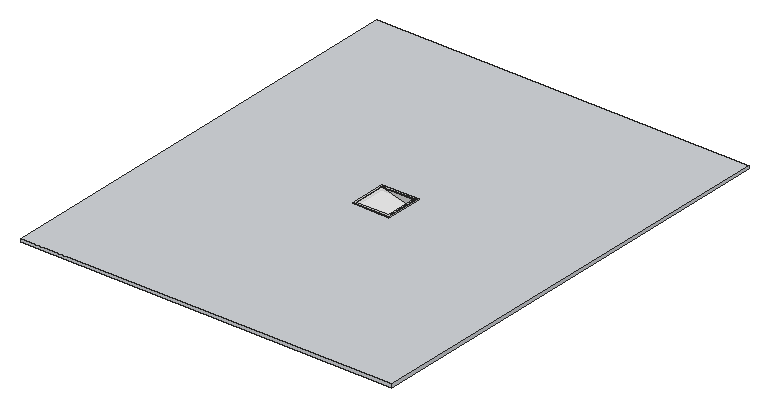
Revit family "Zumtobel KAVA LED", category Lighting Fixtures, host Face, Revit 2014
Parameters (values of type "KAVA Q220 LED600-840 24V SRE")
  Width = 240.00 mm
  Wattage = 0.572917 W
  built-in parameter 1150110 = 1 (stored number, unit not read)
  Voltage = 230 V
  URL = "http://www.zumtobel.com/60816404"
  Type Comments = "© Zumtobel. We reserve the right to make technical changes without prior notice."  # constant formula
  built-in parameter 1114217 = 1 (stored number, unit not read)
  Tilt Angle = 90.00°
  built-in parameter 1150109 = 1 (stored number, unit not read)
  built-in parameter 1150134 = 12
  built-in parameter 1150113 = 1 (stored number, unit not read)
  Photometric Web File = "60816407_(STD).IES"
  Model = "60816404"
  Manufacturer = "Zumtobel Lighting"  # constant formula
  built-in parameter 1150105 = 43.945 (stored number, unit not read)
  Lumens = 55 lm
  built-in parameter 1150115 = 1 (stored number, unit not read)
  built-in parameter 1150137 = (empty or 0)
  built-in parameter 1150139 = (empty or 0)
  Length = 240.00 mm
  built-in parameter 1150112 = 1 (stored number, unit not read)
  built-in parameter 1150114 = 1 (stored number, unit not read)
  Lamp = "LED"
  built-in parameter 1150132 = 2
  built-in parameter 1150102 = (empty or 0)
  built-in parameter 1150107 = 4000 (stored number, unit not read)
  built-in parameter 1150138 = (empty or 0)
  built-in parameter 1150106 = 0.43945 (stored number, unit not read)
  Height = 79.00 mm
  Frame Width = 14.00 mm
  Emit from Rectangle Width = Length - Frame Width  # 226.00 mm
  Emit from Rectangle Length = Width - Frame Width  # 226.00 mm
  Emit Shape Visible in Rendering = yes
  built-in parameter 1150104 = 8.9187 (stored number, unit not read)
  Dimming Lamp Color Temperature Shift = <None>
  Description = "KAVA LED"  # constant formula
  Cover = Zumtobel_PMMA_Self_llumination_Opaque
  Color Filter = 16777215
  Body = Zumtobel_Metal_Aluminium
  built-in parameter 1114218 = 1 (stored number, unit not read)
  built-in parameter 1150133 = 10 (stored number, unit not read)
  Apparent Load = 11 VA
  Default Elevation = 0.00 mm
  Assembly Code = "D5020200"
  240 Width = Width = 240.00 mm  # yes
  122 Width = Width = 122.00 mm  # no
Types (2, lengths in mm): name | Width | Wattage | built-in parameter 1150134 | Photometric Web File | built-in parameter 1150105 | Lumens | Length | built-in parameter 1150107 | built-in parameter 1150106 | Height | Frame Width | Emit from Rectangle Width | Emit from Rectangle Length | Apparent Load | 240 Width | 122 Width
  KAVA Q110 LED70-840 24V SRE | 122.00 | 0.729167 W | (empty or 0) | "60816404_(STD).IES" | 5.5704 (stored number, unit not read) | 70 lm | 122.00 | 3000 (stored number, unit not read) | 0.055704 (stored number, unit not read) | 47.00 | 10.00 | 112.00 | 112.00 | 1 VA | no | yes
  KAVA Q220 LED600-840 24V SRE | 240.00 | 0.572917 W | 12 | "60816407_(STD).IES" | 43.945 (stored number, unit not read) | 55 lm | 240.00 | 4000 (stored number, unit not read) | 0.43945 (stored number, unit not read) | 79.00 | 14.00 | 226.00 | 226.00 | 11 VA | yes | no
Reference planes
  plane 1 "Top": z = 0
  plane 2 "Center (Left/Right)": x = 0
  plane 3 "Center (Front/Back)": y = -11.001
  plane 4 "Back": y = 108.999
  plane 5 "Front": y = -131.001
  plane 6: x = -120
  plane 7: z = 3.5
  plane 8: x = 120
  plane 9 "Power": z = -75.5
  plane 10: z = -19
  plane 11: x = -106
  plane 12: y = 94.999
  plane 13: x = 106
  plane 14: y = -117.001
Forms (mm)
  Extrusion 1, solid
    sketch origin (0, 0, 0) x (1, 0, 0) y (0, 1, 0)
      loop
        line (-1219.2, 1439.2) -> (-1219.2, -1480.8) -> (1219.2, -1480.8) -> (1219.2, 1439.2) -> (-1219.2, 1439.2)
    from 0 to -19
  Extrusion 2, solid, material "Zumtobel_Metal_Aluminium" <- "Body"
    sketch origin (0, 0, 0) x (1, 0, 0) y (0, 1, 0)
      loop
        line (-120, 108.999) -> (-120, -131.001) -> (120, -131.001) -> (120, 108.999) -> (-120, 108.999)
      loop
        line (-106, 94.999) -> (-106, -117.001) -> (106, -117.001) -> (106, 94.999) -> (-106, 94.999)
    from 0 to 3.5
  Extrusion 3, void
    sketch origin (0, 0, 0) x (1, 0, 0) y (0, 1, 0)
      loop
        line (-107, 95.999) -> (-107, -118.001) -> (107, -118.001) -> (107, 95.999) -> (-107, 95.999)
    from 0 to -19
  Sweep 4, solid, material "Zumtobel_Metal_Aluminium" <- "Body", visible <- "122 Width"
    path origin (0, 0, 0) x (1, 0, 0) y (0, 1, 0)
      loop
        line (-106, -117.001) -> (-106, 94.999)
    profile "122_Back : 122_Back" origin (-106, -11.001, 0) x (-1, 0, 0) y (0, 0, 1)
      loop
        line (0, 0) -> (-112, -36.391) -> (-116.788, -23.236) -> (-101, -18.106) -> (-101, 0) -> (-102, 0) -> (-102, -17.379) -> (-118.082, -22.605) -> (-112.609, -37.64) -> (0, -1.051) -> (0, 0)
  Sweep 5, solid, material "Zumtobel_Metal_Aluminium" <- "Body", visible <- "122 Width"
    path origin (0, 0, 0) x (1, 0, 0) y (0, 1, 0)
      loop
        line (-106, 94.999) -> (-106, 95.999)
    profile "122_Side : 122_Side" origin (-106, 95.499, 0) x (-1, 0, 0) y (0, 0, 1)
      loop
        line (-118.082, -22.605) -> (-112.609, -37.64) -> (0, -1.051) -> (0, 0) -> (-101, 0) -> (-102, 0) -> (-102, -17.379) -> (-118.082, -22.605)
  Sweep 6, solid, material "Zumtobel_Metal_Aluminium" <- "Body", visible <- "122 Width"
    path origin (0, -22.001, 0) x (1, 0, 0) y (0, -1, 0)
      loop
        line (-106, 94.999) -> (-106, 95.999)
    profile "122_Side : 122_Side" origin (-106, -117.501, 0) x (1, 0, 0) y (0, 0, 1)
      loop
        line (118.082, -22.605) -> (102, -17.379) -> (102, 0) -> (101, 0) -> (0, 0) -> (0, -1.051) -> (112.609, -37.64) -> (118.082, -22.605)
  Sweep 7, solid, material "Zumtobel_Metal_Aluminium" <- "Body", visible <- "240 Width"
    path origin (0, 0, 0) x (1, 0, 0) y (0, 1, 0)
      loop
        line (-106, -117.001) -> (-106, 94.999)
    profile "240_Back : 240_Back" origin (-106, -11.001, 0) x (-1, 0, 0) y (0, 0, 1)
      loop
        line (0, 0) -> (-215.723, -56.384) -> (-227.788, -23.236) -> (-212, -18.106) -> (-212, 0) -> (-213, 0) -> (-213, -17.379) -> (-229.082, -22.605) -> (-216.352, -57.581) -> (0, -1.034) -> (0, 0)
  Sweep 8, solid, material "Zumtobel_Metal_Aluminium" <- "Body", visible <- "240 Width"
    path origin (0, 0, 0) x (1, 0, 0) y (0, 1, 0)
      loop
        line (-106, 94.999) -> (-106, 95.999)
    profile "240_Side : 240_Side" origin (-106, 95.499, 0) x (-1, 0, 0) y (0, 0, 1)
      loop
        line (0, 0) -> (-213, 0) -> (-213, -17.379) -> (-229.082, -22.605) -> (-216.352, -57.581) -> (0, -1.034) -> (0, 0)
  Sweep 9, solid, material "Zumtobel_Metal_Aluminium" <- "Body", visible <- "240 Width"
    path origin (0, -22.001, 0) x (1, 0, 0) y (0, -1, 0)
      loop
        line (-106, 94.999) -> (-106, 95.999)
    profile "240_Side : 240_Side" origin (-106, -117.501, 0) x (1, 0, 0) y (0, 0, 1)
      loop
        line (0, 0) -> (0, -1.034) -> (216.352, -57.581) -> (229.082, -22.605) -> (213, -17.379) -> (213, 0) -> (0, 0)
Cuts and joins
  joined: Sweep 4, Sweep 5, Sweep 6
  joined: Sweep 7, Sweep 8, Sweep 9
Lines and regions (mm)
  model lines, style "Zumtobel Lighting"
    curve 1: line (-106, 94.999, 0) -> (-106, 95.999, 0)
Dimensions and locks
  equal spacing: plane 4 "Back", plane 3 "Center (Front/Back)", plane 5 "Front"
  "Length": plane 4 "Back" to plane 5 "Front"
  equal spacing: plane 6, plane 2 "Center (Left/Right)", plane 8
  "Width": plane 6 to plane 8
  locked: plane 7 to imposter light at 3.5
  locked: imposter light to plane 10 at 19
  "Height": plane 7 to plane 9 "Power"
  "Frame Width": plane 5 "Front" to plane 14
  "Frame Width": plane 4 "Back" to plane 12
  "Frame Width": plane 6 to plane 11
  "Frame Width": plane 13 to plane 8
  locked: Extrusion 3 sketch curve to plane 12 at 1
  locked: Extrusion 3 sketch curve to plane 14 at 1
  locked: plane 13 to Extrusion 3 sketch curve at 1
  locked: Extrusion 3 sketch curve to plane 11 at 1
  aligned and locked: plane 1 "Top" to Extrusion 1
  aligned and locked: level to Extrusion 1
  aligned: imposter light to plane 2 "Center (Left/Right)"
  aligned: imposter light to plane 3 "Center (Front/Back)"
  aligned and locked: imposter light to plane 1 "Top"
  aligned and locked: Extrusion 2 sketch curve to plane 4 "Back"
  aligned and locked: plane 6 to Extrusion 2 sketch curve
  aligned and locked: Extrusion 2 sketch curve to plane 5 "Front"
  aligned and locked: plane 8 to Extrusion 2 sketch curve
  aligned and locked: Extrusion 2 sketch curve to plane 12
  aligned and locked: Extrusion 2 sketch curve to plane 11
  aligned and locked: Extrusion 2 sketch curve to plane 14
  aligned and locked: Extrusion 2 sketch curve to plane 13
  aligned and locked: plane 7 to Extrusion 2
Automatic sketch dimensions
  Extrusion 1 sketch curve to Extrusion 1 sketch curve = 2438.40 mm
  Extrusion 1 sketch curve to Extrusion 1 sketch curve = 2920.00 mm
  Sweep 4 sketch curve to plane 11 = 0.00 mm
  Sweep 4 sketch curve to plane 14 = 0.00 mm
  Sweep 4 sketch curve to plane 12 = 0.00 mm
  curve 1 to plane 11 = 0.00 mm
  curve 1 to plane 12 = 0.00 mm
  curve 1 to curve 1 = 1.00 mm
  Sweep 5 sketch curve to plane 11 = 0.00 mm
  Sweep 5 sketch curve to plane 12 = 0.00 mm
  Sweep 5 sketch curve to Sweep 5 sketch curve = 1.00 mm
  Sweep 6 sketch curve to plane 11 = 0.00 mm
  Sweep 6 sketch curve to plane 14 = 0.00 mm
  Sweep 6 sketch curve to Sweep 6 sketch curve = 1.00 mm
  Sweep 7 sketch curve to plane 11 = 0.00 mm
  Sweep 7 sketch curve to plane 4 "Back" = 226.00 mm
  Sweep 7 sketch curve to Sweep 7 sketch curve = 212.00 mm
  Sweep 8 sketch curve to plane 11 = 0.00 mm
  Sweep 8 sketch curve to plane 4 "Back" = 14.00 mm
  Sweep 8 sketch curve to Sweep 8 sketch curve = 1.00 mm
  Sweep 9 sketch curve to plane 11 = 0.00 mm
  plane 4 "Back" to Sweep 9 sketch curve = 226.00 mm
  Sweep 9 sketch curve to Sweep 9 sketch curve = 1.00 mm
Connectors
  electrical at (0, 0, -75.5), driven by "Apparent Load", driven by "Voltage"
    settings: index 1, voltage 230 V, apparent load 0 VA, apparent load phase1 11 VA, apparent load phase2 0 VA, apparent load phase3 0 VA, power factor 1, load classification "Other", number of poles 1, system type 31, power factor state 1, is connector primary yes, connector utility no, sub classification motor no, connector description ""
